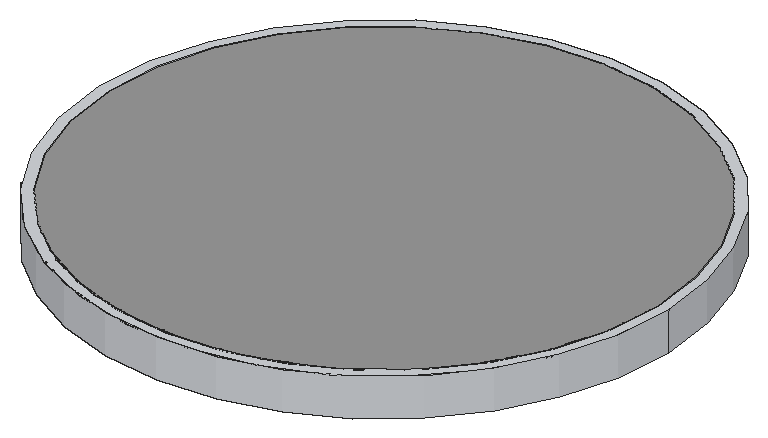
Revit family "2071261", category Lighting Fixtures, host Face, Revit 2018
Family settings
  Host = Face
  Round Connector Dimension = Use Diameter
  Part Type = Normal
  OmniClass Number = 23.80.70.00
  OmniClass Title = Lighting
  Cut with Voids When Loaded = No
  Light Source = Yes
  Shared = No
  Room Calculation Point = No
Parameters (values of type "2071261 COLOSSAL 900 830 PR DIR+H WHT DALI")
  iner diameter = 856 mm
  Weight = "n/a"
  Wattage Comments = ""
  Wattage = 30 W
  WarrantyStartDate [instance] = "n/a"
  WarrantyGuarantorParts = "n/a"
  WarrantyDurationUnit = "n/a"
  WarrantyDurationParts = ""
  WarrantyDescription = "http://www.sylvania-lighting.com"
  built-in parameter 1150110 = 1 (stored number, unit not read)
  Voltage = 230 V
  URL = "0.99"
  TypeName = "COLOSSAL 900mm 830 PRISM DIR+HAL WHITE DALI"
  Type Image = <None>
  Type Comments = "n/a"
  built-in parameter 1114217 = 1 (stored number, unit not read)
  Tilt Angle = -90.00°
  built-in parameter 1150109 = 1 (stored number, unit not read)
  built-in parameter 1150134 = (empty or 0)
  built-in parameter 1150113 = 1 (stored number, unit not read)
  SerialNumber [instance] = "n/a"
  Photometric Web File = "2071261.ies"
  Material_3_SYL = LED-Sylvania
  PowerFactor = 0
  PowerConsumption = "Lighting"
  NominalLength = 888 mm
  NominalHeight = 93 mm
  NominalDepth = 888 mm
  Name = "COLOSSAL 900mm 830 PRISM DIR+HAL WHITE DALI"
  ModelReference = Name  # "COLOSSAL 900mm 830 PRISM DIR+HAL WHITE DALI"
  ModelNumber = "2071261"
  Model = Name  # "COLOSSAL 900mm 830 PRISM DIR+HAL WHITE DALI"
  Material = "Feilo Sylvania"
  ManufacturerName = "134 lm/W"
  Manufacturer = ""
  LuminousEfficacy = ""
  built-in parameter 1150105 = 270.44 (stored number, unit not read)
  Lumens = 3398.4 lm
  LuminaireType = "0"
  built-in parameter 1150115 = 1 (stored number, unit not read)
  LightOutputRatio = "LED"
  built-in parameter 1150137 = (empty or 0)
  built-in parameter 1150139 = (empty or 0)
  LampsType = Lamp  # "n/a"
  LampNominalLuminous = "3000 K"
  LampMacAdamStep = "80"
  LampColourTemperature = "LED"
  LampColourRenderingIndex = "16500"
  built-in parameter 1150112 = 1 (stored number, unit not read)
  built-in parameter 1150114 = 1 (stored number, unit not read)
  Lamp = "n/a"
  Keynote = "n/a"
  InstallationDate [instance] = "n/a"
  InputVoltage = "0"
  InputNominalFrequency = "3000"
  built-in parameter 1150132 = (empty or 0)
  built-in parameter 1150102 = (empty or 0)
  built-in parameter 1150107 = 3000 (stored number, unit not read)
  built-in parameter 1150138 = (empty or 0)
  IngressProtection = "IfcLightFixtureType"
  ImpactProtectionIndex = "IfcLightFixtureType"
  built-in parameter 1150106 = 2.7044 (stored number, unit not read)
  IfcExportType = "IfcLightFixtureType"
  IfcExportAs = "Class I"
  Emit from Circle Diameter = 385 mm
  Emit Shape Visible in Rendering = no
  ElectricShockClassification = "134"
  built-in parameter 1150104 = 10.524 (stored number, unit not read)
  DocumentationLiterature = "http://www.sylvania-lighting.com/product/en-int/products/2071261"
  DimmingControlOptions = "n/a"
  Material_2_SYL = Polycarbonate_Sylvania_White
  Dimming Lamp Color Temperature Shift = <None>
  Description = "900mm diameter circular architectural luminaire, can be surface mounted or suspended. Powder coated aluminium housing (RAL9016) with PMMA prismatic diffuser. Direct/indirect (halo) light distribution, 7895lm luminuous flux, 58.7W system power, 134lm/W luminiaire efficacy. DALI dimmable. Colour rendering index Ra >80, 3000K Warm White LED, chromaticity tolerance of 3-step MacAdam ellipse. IP40/IP20, IK03. 350mA drive current. UGR≤19. Electrical protection Class1, 220-240V. Reported lifetime 66k hours L90B10."
  Default Elevation = 1219.2 mm
  CreatedOn = "23/03/2022"
  CreatedBy = "@sylvania-lighting.com"
  Cost = 0
  Color Filter = 16777215
  built-in parameter 1114216 [instance] = (empty or 0)
  ClassificationValue = "EF_70_80"
  ClassificationName = "Uniclass2015"
  Material_1_SYL = Polycarbonate_Sylvania_Opal
  BarCode [instance] = "n/a"
  built-in parameter 1114218 = 1 (stored number, unit not read)
  built-in parameter 1150133 = 10 (stored number, unit not read)
  AssetType = "Fixed"
  AssetIdentifier [instance] = "n/a"
  Assembly Code = "D5020200"
  Apparent Load = 58.7 VA
  Material_4_SYL = none
Reference planes
  plane 1 "Center (Front/Back)": y = 0
  plane 2: z = 0
  plane 3 "Center (Left/Right)": x = 0
  plane 4: z = 1.161
  plane 5: z = 16.161
  plane 6: x = -444
  plane 7: x = 444
  plane 8: y = 444
  plane 9: y = -444
  plane 10: y = 236
  plane 11: y = -236
  plane 12: x = 85
  plane 13: x = -85
  plane 14: through (0, 0, 1219.2) normal (0.5, 0.866, 0)
  plane 15: through (42.5, 73.612, 1219.2) normal (0.5, 0.866, 0)
  plane 16: through (-42.5, -73.612, 1219.2) normal (0.5, 0.866, 0)
  plane 17: through (0, 0, 1219.2) normal (0.5, -0.866, 0)
  plane 18: through (-42.5, 73.612, 1219.2) normal (0.5, -0.866, 0)
  plane 19: through (42.5, -73.612, 1219.2) normal (0.5, -0.866, 0)
  plane 20: z = 93
  plane 21: y = 428
  plane 22: y = -428
Forms (mm)
  Extrusion 1, solid, detail levels medium+fine
    sketch origin (0, 0, 0) x (0.866025, -0.5, 0) y (0.5, 0.866025, 0)
      loop
        circle (-50, 86.603) r 22
    from 0 to 2
  Extrusion 2, solid, detail levels medium+fine
    sketch origin (0, 0, 0) x (0.866025, -0.5, 0) y (0.5, 0.866025, 0)
      loop
        circle (100, 0) r 22
      loop
        circle (-50, -86.603) r 22
    from 0 to 2
  Blend 3, solid, detail levels medium+fine
    base sketch origin (0, 0, 0) x (1, 0, 0) y (0, 1, 0)
      loop
        line (-85, 236) -> (-246.882, -44.388) -> (-161.882, -191.612) -> (161.882, -191.612) -> (246.882, -44.388) -> (85, 236) -> (-85, 236)
    top sketch origin (0, 0, 0) x (1, 0, 0) y (0, 1, 0)
      loop
        line (-85, 283.076) -> (-287.651, -67.926) -> (-207.792, -218.119) -> (207.792, -218.119) -> (292.5, -71.401) -> (85, 283.076) -> (-85, 283.076)
    from 0 to 33.022
  Extrusion 4, solid, detail levels medium+fine
    sketch origin (0, 0, 0) x (1, 0, 0) y (0, 1, 0)
      loop
        circle (0, 0) r 444
    from 33.022 to 93
  Extrusion 5, void
    sketch origin (0, 0, 0) x (1, 0, 0) y (0, 1, 0)
      loop
        circle (0, 0) r 428
    from 96.588 to 37.292
  Extrusion 6, solid, material "Glass, White, High Luminance", detail levels fine
    sketch origin (0, 0, 0) x (1, 0, 0) y (0, 1, 0)
      loop
        circle (0, 0) r 428
    from 87.991 to 93
  Extrusion 7, solid, detail levels coarse
    sketch origin (0, 0, 0) x (1, 0, 0) y (0, 1, 0)
      loop
        line (-444, 444) -> (-444, -444) -> (444, -444) -> (444, 444) -> (-444, 444)
    from 0 to 93.648
Cuts and joins
  Extrusion 5 cuts Extrusion 1
  Extrusion 5 cuts Extrusion 2
  Extrusion 5 cuts Blend 3
  Extrusion 5 cuts Extrusion 4
Lines and regions (mm)
  model lines, detail levels medium+fine
    curve 1: circle (0, 0, 0) r 100 normal (0, 0, 1)
Dimensions and locks
  "NominalDepth": plane 8 to plane 9
  plane 8 to plane 1 "Center (Front/Back)" to plane 9 = 444 mm, 444 mm
  "NominalLength": plane 6 to plane 7
  equal spacing: plane 6, plane 3 "Center (Left/Right)", plane 7
  "NominalHeight": level to plane 20
  "iner diameter": plane 21 to plane 22
  equal spacing: plane 21, plane 1 "Center (Front/Back)", plane 22
  aligned and locked: plane 2 to host face
  aligned and locked: level to host face
Automatic sketch dimensions
  host sketch curve to host sketch curve = 2438.4 mm  (x2)
  Extrusion 1 sketch curve to plane 3 "Center (Left/Right)" = 0 mm
  Extrusion 1 sketch curve to plane 1 "Center (Front/Back)" = 100 mm
  plane 1 "Center (Front/Back)" to Extrusion 2 sketch curve = 50 mm
  Extrusion 2 sketch curve to plane 3 "Center (Left/Right)" = 86.603 mm
  Extrusion 2 sketch curve to Extrusion 2 sketch curve = 150 mm
  Extrusion 2 sketch curve to Extrusion 2 sketch curve = 86.603 mm
  plane 1 "Center (Front/Back)" to curve 1 = 0 mm
  curve 1 to plane 3 "Center (Left/Right)" = 0 mm
  plane 18 to Blend 3 sketch curve = 0 mm  (x2)
  plane 19 to Blend 3 sketch curve = 0 mm  (x2)
  Blend 3 sketch curve to plane 10 = 0 mm
  Blend 3 sketch curve to plane 13 = 0 mm  (x2)
  Blend 3 sketch curve to plane 12 = 0 mm  (x2)
  Blend 3 sketch curve to plane 16 = 0 mm  (x2)
  Blend 3 sketch curve to plane 15 = 0 mm
  plane 11 to Blend 3 sketch curve = 44.388 mm
  plane 1 "Center (Front/Back)" to Blend 3 sketch curve = 44.388 mm  (x2)
  plane 11 to Blend 3 sketch curve = 17.881 mm
  plane 1 "Center (Front/Back)" to Blend 3 sketch curve = 67.926 mm
  plane 1 "Center (Front/Back)" to Blend 3 sketch curve = 71.401 mm
  Blend 3 sketch curve to plane 7 = 151.5 mm
  plane 10 to Blend 3 sketch curve = 47.076 mm
  plane 1 "Center (Front/Back)" to Extrusion 4 sketch curve = 0 mm
  Extrusion 4 sketch curve to plane 3 "Center (Left/Right)" = 0 mm
  plane 1 "Center (Front/Back)" to Extrusion 5 sketch curve = 0 mm
  Extrusion 5 sketch curve to plane 3 "Center (Left/Right)" = 0 mm
  plane 1 "Center (Front/Back)" to Extrusion 6 sketch curve = 0 mm
  Extrusion 6 sketch curve to plane 3 "Center (Left/Right)" = 0 mm
  Extrusion 7 sketch curve to plane 6 = 0 mm
  Extrusion 7 sketch curve to plane 7 = 0 mm
  Extrusion 7 sketch curve to plane 9 = 0 mm
  Extrusion 7 sketch curve to plane 8 = 0 mm
  radius of Extrusion 1 sketch curve = 22 mm
  radius of Extrusion 2 sketch curve = 22 mm  (x2)
  radius of curve 1 = 100 mm
  radius of Extrusion 4 sketch curve = 444 mm
  radius of Extrusion 5 sketch curve = 428 mm
  radius of Extrusion 6 sketch curve = 428 mm
Connectors
  electrical at (0, 0, 0), driven by "Apparent Load", driven by "PowerFactor", driven by "Voltage"
    settings: index 1, voltage 230 V, apparent load 58.7 VA, apparent load phase1 0 VA, apparent load phase2 0 VA, apparent load phase3 0 VA, power factor 0, load classification "Lighting", number of poles 1, system type 30, power factor state 1, is connector primary yes, connector utility no, sub classification motor no, connector description ""
